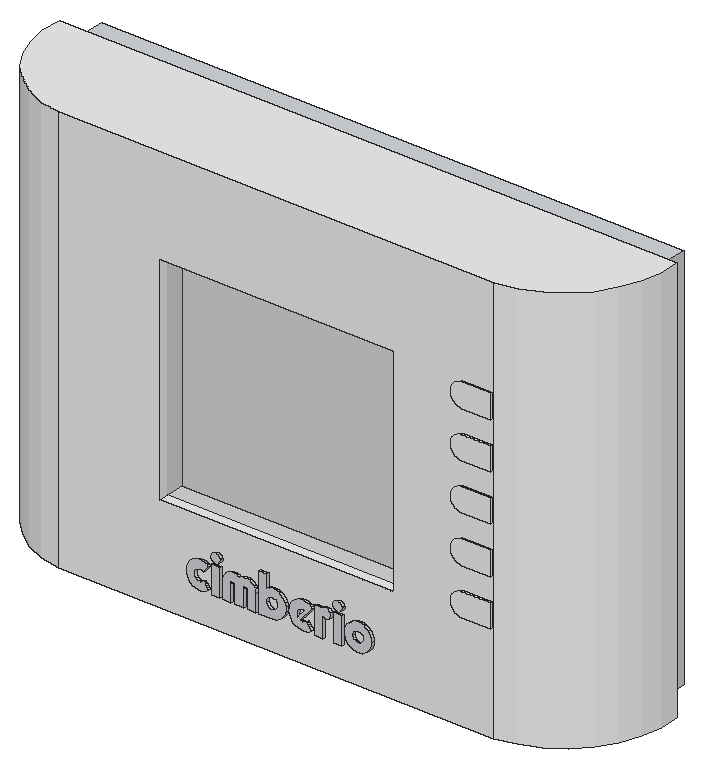
Revit family "AC00430000", category Apparecchi idraulici, Revit 2020
Family settings
  Quota connettore circolare = Usa diametro
  Tipo di parte = Normale
  Numero OmniClass = 23.45.00.00
  Titolo OmniClass = Sanitary, Laundry, and Cleaning Equipment
  Basato su piano di lavoro = No
  Sempre verticale = Sì
  Taglio con vuoti quando caricato = No
  Condiviso = No
  Punto di calcolo locali = No
Parameters
  URL = "https://web.cimberio.com/index.php/figura/1562?subcategoria_id="
  Temperatura di esercizio = ""
  Prospetto di default = 0 mm
  Produttore = "CIMBERIO SPA"
  Pressione nominale = ""
  Modello = "Cim TA/PRO"
  Materiale = ""
  Descrizione = "Realizzato in ottemperanza ai requisiti gestionali della norma EN ISO 9001.\r\nUtilizzato per la regolazione della temperatura degli ambienti e comandare apparecchi degli impianti di riscaldamento e condizionamento."
  DN [instance] = 0 mm
  Type Comments = ""
Reference planes
  plane 1 "Centro (Fronte/Retro)": y = 0
  plane 2: z = 0
  plane 3 "Centro (Sinistra/Destra)": x = 0
  plane 4: y = -31
Forms (mm)
  Extrusion 1, solid
    sketch origin (0, 0, 0) x (1, 0, 0) y (0, 1, 0)
      loop
        line (-62, 0) -> (-62, -4) -> (62, -4) -> (62, 0) -> (-62, 0)
    from 2 to 85
  Extrusion 2, solid
    sketch origin (0, 0, 0) x (1, 0, 0) y (0, 1, 0)
      loop
        arc (-62, -4) -> (-63.414, -4.586) -> (-64, -6) r 2
        line (-64, -6) -> (-64, -7.019) -> (64, -7.019) -> (64, -6)
        arc (64, -6) -> (63.414, -4.586) -> (62, -4) r 2
        line (62, -4) -> (-62, -4)
    from 2 to 85
  Extrusion 3, solid, material "Cim_Plastica bianca"
    sketch origin (0, 0, 0) x (1, 0, 0) y (0, 1, 0)
      loop
        line (65.85, -6.5) -> (-65.85, -6.5)
        arc (-65.85, -6.5) -> (-61.255, -22.794) -> (-46.446, -31) r 22
        line (-46.446, -31) -> (46.446, -31)
        arc (46.446, -31) -> (61.255, -22.794) -> (65.85, -6.5) r 22
    from 0 to 87
  Extrusion 4, void
    sketch origin (0, 0, 0) x (1, 0, 0) y (0, 0, 1)
      loop
        line (-25, 66.5) -> (-25, 20.5) -> (25, 20.5) -> (25, 66.5) -> (-25, 66.5)
    from 24.948 to 38.229
  Extrusion 5, solid, material "Cim_Plastica bianca"
    sketch origin (0, 0, 0) x (1, 0, 0) y (0, 0, 1)
      loop
        arc (40, 66) -> (37.5, 63.5) -> (40, 61) r 2.5
        line (40, 61) -> (46, 61) -> (46, 66) -> (40, 66)
      loop
        arc (40, 56) -> (37.5, 53.5) -> (40, 51) r 2.5
        line (40, 51) -> (46, 51) -> (46, 56) -> (40, 56)
      loop
        arc (40, 46) -> (37.5, 43.5) -> (40, 41) r 2.5
        line (40, 41) -> (46, 41) -> (46, 46) -> (40, 46)
      loop
        arc (40, 36) -> (37.5, 33.5) -> (40, 31) r 2.5
        line (40, 31) -> (46, 31) -> (46, 36) -> (40, 36)
      loop
        arc (40, 26) -> (37.5, 23.5) -> (40, 21) r 2.5
        line (40, 21) -> (46, 21) -> (46, 26) -> (40, 26)
    from 10.121 to 31.5
  Extrusion 6, solid
    sketch origin (0, 0, 0) x (1, 0, 0) y (0, 0, 1)
      loop
        line (-15.15, 10.411) -> (-14.021, 11.758)
        arc (-14.021, 11.758) -> (-18.834, 9.513) -> (-14.021, 7.269) r 2.93
        line (-14.021, 7.269) -> (-15.15, 8.615)
        arc (-15.15, 8.615) -> (-17.076, 9.513) -> (-15.15, 10.411) r 1.172
      loop
        circle (-12.556, 13.908) r 0.996
      loop
        line (-11.677, 12.443) -> (-13.435, 12.443) -> (-13.435, 6.583) -> (-11.677, 6.583) -> (-11.677, 12.443)
      loop
        arc (-7.516, 11.989) -> (-9.853, 12.211) -> (-11.091, 10.216) r 2.227
        line (-11.091, 10.216) -> (-11.091, 6.583) -> (-9.333, 6.583) -> (-9.333, 10.216)
        arc (-9.333, 10.216) -> (-8.864, 10.685) -> (-8.395, 10.216) r 0.469
        line (-8.395, 10.216) -> (-8.395, 6.583) -> (-6.637, 6.583) -> (-6.637, 10.216)
        arc (-6.637, 10.216) -> (-6.168, 10.685) -> (-5.7, 10.216) r 0.469
        line (-5.7, 10.216) -> (-5.7, 6.583) -> (-3.942, 6.583) -> (-3.942, 10.216)
        arc (-3.942, 10.216) -> (-5.179, 12.211) -> (-7.516, 11.989) r 2.227
      loop
        line (-3.356, 14.787) -> (-3.356, 6.583) -> (-0.426, 6.583)
        arc (-0.426, 6.583) -> (2.442, 10.112) -> (-1.598, 12.198) r 2.93
        line (-1.598, 12.198) -> (-1.598, 14.787) -> (-3.356, 14.787)
      loop
        circle (-0.426, 9.513) r 1.172
      loop
        arc (6.469, 10.596) -> (5.122, 10.266) -> (5.032, 8.883) r 1.172
        line (5.032, 8.883) -> (6.469, 10.596)
      loop
        arc (8.159, 11.515) -> (3.095, 9.689) -> (7.903, 7.269) r 2.93
        line (7.903, 7.269) -> (6.773, 8.615)
        arc (6.773, 8.615) -> (6.198, 8.355) -> (5.57, 8.431) r 1.172
        line (5.57, 8.431) -> (8.159, 11.515)
      loop
        line (8.489, 12.443) -> (8.489, 6.583) -> (10.247, 6.583) -> (10.247, 10.836)
        arc (10.247, 10.836) -> (12.005, 11.652) -> (10.236, 12.443) r 1.065
        line (10.236, 12.443) -> (8.489, 12.443)
      loop
        line (12.591, 12.443) -> (12.591, 6.583) -> (14.349, 6.583) -> (14.349, 12.443) -> (12.591, 12.443)
      loop
        circle (13.47, 13.908) r 0.996
      loop
        circle (17.865, 9.513) r 2.93
      loop
        circle (17.865, 9.513) r 1.16
    from 20.548 to 31.5
  Extrusion 7, solid, material "Vetro"
    sketch origin (0, 0, 0) x (1, 0, 0) y (0, 1, 0)
      loop
        line (-25, -24.948) -> (-25, -29) -> (25, -29) -> (25, -24.948) -> (-25, -24.948)
    from 20.5 to 66.5
Cuts and joins
  Extrusion 4 cuts Extrusion 1
  Extrusion 4 cuts Extrusion 2
  Extrusion 4 cuts Extrusion 3
Dimensions and locks
  aligned and locked: level to plane 2
